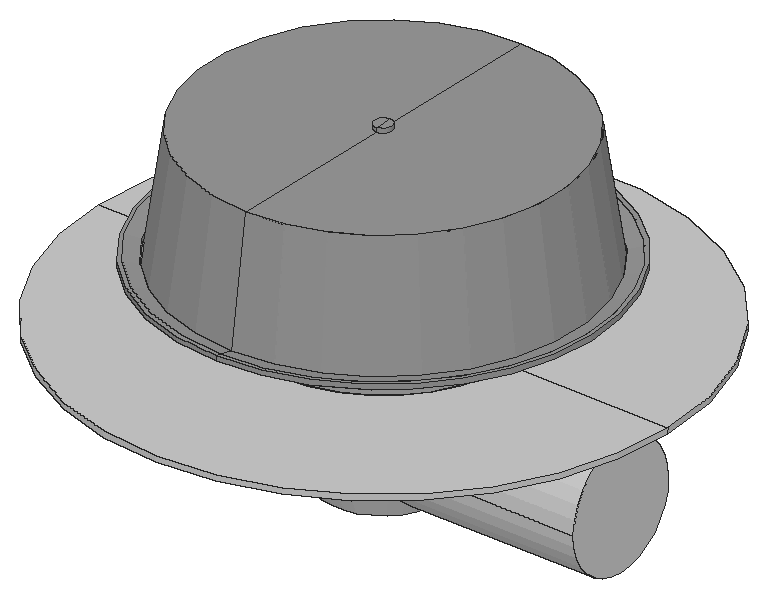
Revit family "HL_RU_Roof drain_HL64PPowerSafe-B-221103", category Sanitärinstallationen, Revit 2020
Family settings
  Bemaßung runder Anschluss = Durchmesser verwenden
  Teiletyp = Normal
  OmniClass-Nummer = 23.70.50.21.24.14
  OmniClass-Titel = Deck Waste Water Drains
  Arbeitsebenenbasiert = Nein
  Immer vertikal = Ja
  Beim Laden mit Abzugskörper schneiden = Nein
  Gemeinsam genutzt = Nein
  Raumberechnungspunkt = Ja
Parameters (values of type "HL_Кровельная воронка_HL64PPowerSafe")
  РЕШЁТКА = "Laubfangkorb d 262 mm"
  РАЗМЕР = "DN75"
  ПРОПУСКНАЯ СПОСОБНОСТЬ [instance] = 0.0 L/s
  ПРОИЗВОДИТЕЛЬНОСТЬ = "l/s"
  ПРАВОВАЯ ИНФОРМАЦИЯ = "Авторские права(©), права на дизайн или какие либо другие права интелектуальной собственности являются исключительной собственностью компании HL Hutterer & Lechner. Изменению не подлежит. Файл семейства с данными о прозводителе изделия защищен паролем с водяным знаком."
  НОМИНАЛЬНЫЙ ДИАМЕТР = 75 mm
  МАТЕРИАЛ = "PP/PVC"
  ВЫСОТА МОНТАЖА = "93 mm"
  ВЕС = "3,284 [kg]"
  Vorgabe-Ansicht = 0 mm
  Hersteller = "HL Hutterer & Lechner GmbH"  # constant formula
  URL = "http://www.hutterer-lechner.com/ru/products/catalog/roof-drains/HL64PPowerSafe.aspx"
  Материал плитка [instance] = none
  Lüftungsverbindung = no
  Abwasserrohrverbindung = yes
  HW-Verbindung = no
  KW-Verbindung = no
  Beschreibung = "Кровельные воронки"
  Model = "HL64PPowerSafe"
  Typenkommentare = "HL64PPowerSafe, Воронка для аварийного водостока с отсекателем воздуха, с горизонтальным выпуском DN75, с корпусом из ПВХ, с возможностью регулировки толщины слоя воды."
  Keynote = "HL64PPowerSafe"
  Bысота монтажа [instance] = 28 mm  # constant formula
  G [instance] = 90.00°  # constant formula
  EAN = "9003076040889"
  D [instance] = 150 mm
  C [instance] = if(Bысота монтажа - 68 mm < 0 mm, 0 mm, Bысота монтажа - 68 mm)  # 0 mm
  B [instance] = Bысота монтажа + 55 mm  # 83 mm
  A [instance] = if(B - 100 mm > 15 mm, B - 100 mm, 15 mm)  # 15 mm
Reference planes
  plane 1 "Center (Front/Back)": y = 0
  plane 2: z = 0
  plane 3 "Center (Left/Right)": x = 0
  plane 4: z = -83
  plane 5: z = -28
Lines and regions (mm)
  model lines, style "InvisibleLines"
    curve 1: line (0, 0, 0) -> (0, 0, 20)
  model lines, style "PlumbingFixtures", detail levels coarse+medium
    curve 2: line (0, 0, -83) -> (0, 0, -68)
    curve 3: line (0, 0, -68) -> (-68, 0, 0)
    curve 4: line (0, 0, -68) -> (68, 0, 0)
    curve 6: line (0, 0, -83) -> (150, 0, -83)
  reference lines, not visible
    curve 5: line (0, 0, -83) -> (150, 0, -83)
  symbolic lines, style "PlumbingFixtures", detail levels coarse+medium
    curve 7: line (-75, 75, 0) -> (75, 75, 0)
    curve 8: line (-75, -75, 0) -> (-75, 75, 0)
    curve 9: line (75, -75, 0) -> (-75, -75, 0)
    curve 10: line (75, 75, 0) -> (75, -75, 0)
    curve 11: line (-75, 75, 0) -> (-145.711, 145.711, 0)
    curve 12: line (75, 75, 0) -> (145.711, 145.711, 0)
    curve 13: line (-75, -75, 0) -> (-145.711, -145.711, 0)
    curve 14: line (75, -75, 0) -> (145.711, -145.711, 0)
  symbolic lines, style "PlumbingFixtures", not visible, detail levels coarse+medium
    curve 15: line (-75, 75, 0) -> (75, 75, 0)
    curve 16: line (-75, -75, 0) -> (-75, 75, 0)
    curve 17: line (75, -75, 0) -> (-75, -75, 0)
    curve 18: line (75, 75, 0) -> (75, -75, 0)
    curve 19: line (-75, 75, 0) -> (-145.711, 145.711, 0)
    curve 20: line (75, 75, 0) -> (145.711, 145.711, 0)
    curve 21: line (-75, -75, 0) -> (-145.711, -145.711, 0)
    curve 22: line (75, -75, 0) -> (145.711, -145.711, 0)
Text (mm)
  text "FLOOR" at (-162.344, 0, -10.979), in view "Drain Construction View"
Dimensions and locks
  "B": plane 2 to plane 4
  "Bысота монтажа": plane 2 to plane 5
  "A": curve 4 to plane 4
  "D": curve 5 to curve 5
  "D": curve 6 to curve 6
  locked: curve 4 to plane 3 "Center (Left/Right)" (angle 45.00°)
  locked: plane 3 "Center (Left/Right)" to curve 3 (angle 45.00°)
  "G": angle curve 5 to plane 3 "Center (Left/Right)"
  aligned and locked: level to plane 2
  aligned and locked: plane 2 to curve 4
  aligned and locked: plane 2 to curve 3
  aligned and locked: plane 4 to curve 5
  aligned and locked: plane 3 "Center (Left/Right)" to curve 5
  aligned and locked: plane 4 to curve 2
  aligned and locked: plane 4 to curve 6
  aligned and locked: nested 1 to plane 5
  aligned and locked: plane 2 to nested 2
  aligned and locked: plane 3 "Center (Left/Right)" to nested 2
  aligned and locked: plane 3 "Center (Left/Right)" to nested 1
Automatic sketch dimensions
  curve 2 to plane 3 "Center (Left/Right)" = 0 mm
  curve 1 to plane 3 "Center (Left/Right)" = 0 mm
  curve 1 to level = 0 mm
  level to curve 1 = 20 mm
  curve 6 to curve 5 = 0 mm
Nested families
  nested 1: "HL_кровельные воронки - корпус_HL64PPowerSafe" at (0, 0, -28), type "HL_кровельные воронки - корпус_HL64PPowerSafe"
  nested 2: "HL_Вспомогательные материалы-Противопожарная защита_HL062.1EPowerSafe" at (0, 0, 0), Bысота монтажа <- "Bысота монтажа", type "HL_Вспомогательные материалы-Противопожарная защита_HL062.1EPowerSafe"
    with L2 158 mm, L 49 mm, IHmin 28 mm, IHmax 68 mm, Bысота монтажа 28 mm
Connectors
  piping at (150, 0, -83), diameter 75, driven by "ПРОПУСКНАЯ СПОСОБНОСТЬ", driven by "НОМИНАЛЬНЫЙ ДИАМЕТР"
    settings: on curve 5, index 1, connector inside diameter 609.6 mm, connector length 0 mm, flow factor 0, pipe flow 0.0 L/s, pressure drop 0.0 Pa, fitting loss kfactor 0, connector angle 0.00°, fixture units 0, engagement length 0 mm, angle of deflection 0.00°, flow configuration 1, flow direction 2, fitting loss method 0, system type 16, joint type 0, gender type 0, connector reference index -1, connector utility 0, adjustable connector yes, is connector primary yes, connector description ""
Definition of nested family "HL_кровельные воронки - корпус_HL64PPowerSafe"
  Parameters (values of type "HL_кровельные воронки - корпус_HL64PPowerSafe")
    НОМИНАЛЬНЫЙ ДИАМЕТР = 50 mm
    Default Elevation = 0 mm
    Manufacturer = ""
    URL = ""
    Description = ""
    Model = ""
    Type Comments = ""
    Cost = 0
  Reference planes
    plane 1 "Střed (vpředu/vzadu)": y = 0
    plane 2: z = 0
    plane 3 "Střed (vlevo/vpravo)": x = 0
  Forms (mm)
    Revolve 1, solid, detail levels fine
      sketch origin (0, 0, 0) x (1, 0, 0) y (0, 0, 1)
        loop
          line (-180, -3.5) -> (-83.977, -3.5) -> (-83.977, -35) -> (-66.988, -35) -> (-36.415, -92.5) -> (0, -92.5) -> (0, -70.973) -> (-44.124, -70.973) -> (-65.112, -31.5) -> (-79.177, -31.5) -> (-79.177, 0) -> (-180, 0) -> (-180, -3.5)
        axis (0, 0) -> (0, -92.5)
      angle from 0 to 360
    Extrusion 2, solid, detail levels fine
      sketch origin (0, 0, 0) x (0, 1, 0) y (0, 0, 1)
        loop
          circle (0, -55) r 37.5
      from 0 to 150
    Revolve 3, void
      sketch origin (0, 0, 0) x (1, 0, 0) y (0, 0, 1)
        loop
          line (-79.203, 0) -> (-79.203, -31.5) -> (-65.112, -31.5) -> (-44.124, -70.973) -> (0, -70.973) -> (0, 0) -> (-79.203, 0)
        axis (0, 0) -> (0, -70.973)
      angle from 0 to 360
  Cuts and joins
    Revolve 3 cuts Extrusion 2
  Dimensions and locks
    aligned and locked: level to plane 2
Definition of nested family "HL_Вспомогательные материалы-Противопожарная защита_HL062.1EPowerSafe"
  Parameters (values of type "HL_Вспомогательные материалы-Противопожарная защита_HL062.1EPowerSafe")
    РЕШЁТКА = "Laubfangkorb d 262 mm"
    ПРАВОВАЯ ИНФОРМАЦИЯ = "Авторские права(©), права на дизайн или какие либо другие права интелектуальной собственности являются исключительной собственностью компании HL Hutterer & Lechner. Изменению не подлежит. Файл семейства с данными о прозводителе изделия защищен паролем с водяным знаком."
    МАТЕРИАЛ = "PP"
    ВЕС = "1,289 [kg]"
    Default Elevation = 0 mm
    Manufacturer = "HL Hutterer & Lechner GmbH"
    URL = "http://www.hutterer-lechner.com/ru/products/catalog/roof-drains/HL062.1EPowersafe.aspx"
    Материал плитка = none
    Description = "Кровельные воронки"
    Model = "HL062.1EPowerSafe"
    L2 [instance] = 158 mm
    L [instance] = if(Bысота монтажа < IHmin, -100 mm, if(Bысота монтажа > IHmax, -100 mm, Bысота монтажа + 21 mm))  # 49 mm
    Type Comments = "HL062.1EPowerSafe, Вставка в воронку для аварийного водоотведения"
    Keynote = "HL062.1EPowerSafe"
    Bысота монтажа [instance] = 28 mm
    IHmin [instance] = 28 mm
    IHmax [instance] = 68 mm
    EAN = "9003076040568"
    Cost = 0
  Reference planes
    plane 1 "Střed (vpředu/vzadu)": y = 0
    plane 2: z = 0
    plane 3 "Střed (vlevo/vpravo)": x = 0
  Forms (mm)
    Revolve 1, solid, detail levels fine
      sketch origin (0, 0, 0) x (0, 1, 0) y (0, 0, 1)
        loop
          line (0, -66.5) -> (62.442, -66.5) -> (64.508, -64.434) -> (64.508, -0.792) -> (68.942, 3.642) -> (119.719, 3.642) -> (108.539, 78.674) -> (5.325, 78.674) -> (5.325, 81.183) -> (0, 81.183) -> (0, -66.5)
        axis (0, 81.183) -> (0, -66.5)
      angle from 0 to 360
    Revolve 2, solid, detail levels fine
      sketch origin (0, 68.849, -57.5) x (0, -1, 0) y (0, 0, -1)
        loop
          line (4.265, -44.566) -> (4.265, 0) -> (0, 0) -> (0, -3.5) -> (-5.643, -3.5) -> (-10.659, -10.663) -> (-10.659, -29.5) -> (-0.659, -29.5) -> (-0.659, -44.566) -> (4.265, -44.566)
        axis (68.849, -44.566) -> (68.849, 0)
      angle from 0 to 360
    Revolve 3, solid, detail levels fine
      sketch origin (0, 0, 0) x (0, 1, 0) y (0, 0, 1)
        loop
          line (64.584, -4.434) -> (65.451, -4.434) -> (69.885, 0) -> (124.039, 0) -> (124.771, 2.936) -> (131.655, 4.399) -> (131.655, 7.41) -> (129.286, 7.41) -> (120.568, 5.557) -> (120.568, 3.642) -> (69.732, 3.642) -> (64.584, -0.993) -> (64.584, -4.434)
        axis (0, 7.41) -> (0, -4.434)
      angle from 0 to 360
  Lines and regions (mm)
    reference lines
      curve 1: line (0, 68.849, -49) -> (0, -216.151, -49)
  Dimensions and locks
    "L": curve 1 to plane 2
    aligned and locked: level to plane 2
  Automatic sketch dimensions
    Revolve 2 sketch curve to curve 1 = 8.5 mm
    Revolve 2 sketch curve to curve 1 = 0 mm
    curve 1 to Revolve 2 sketch curve = 5 mm
    Revolve 2 sketch curve to curve 1 = 0.659 mm
    Revolve 2 sketch curve to curve 1 = 5.643 mm
    Revolve 2 sketch curve to Revolve 2 sketch curve = 5.016 mm
    curve 1 to Revolve 2 sketch curve = 4.265 mm
    Revolve 2 sketch curve to Revolve 2 sketch curve = 7.163 mm
    Revolve 2 sketch curve to curve 1 = 21 mm
    Revolve 2 sketch curve to curve 1 = 36.066 mm
    curve 1 to Revolve 2 sketch curve = 68.849 mm
    Revolve 2 sketch curve to curve 1 = 340.5 mm
    curve 1 to Revolve 2 sketch curve = 259.5 mm
    Revolve 1 sketch curve to plane 1 "Střed (vpředu/vzadu)" = 0 mm  (x2)
    Revolve 1 sketch curve to plane 1 "Střed (vpředu/vzadu)" = 5.325 mm
    Revolve 1 sketch curve to plane 1 "Střed (vpředu/vzadu)" = 62.442 mm
    Revolve 1 sketch curve to level = 0.792 mm
    Revolve 1 sketch curve to plane 1 "Střed (vpředu/vzadu)" = 64.508 mm
    Revolve 1 sketch curve to Revolve 1 sketch curve = 4.434 mm
    Revolve 1 sketch curve to Revolve 1 sketch curve = 39.597 mm
    Revolve 1 sketch curve to Revolve 1 sketch curve = 63.642 mm
    Revolve 1 sketch curve to Revolve 1 sketch curve = 2.066 mm
    level to Revolve 1 sketch curve = 78.674 mm
    Revolve 1 sketch curve to Revolve 1 sketch curve = 2.51 mm
    Revolve 1 sketch curve to Revolve 1 sketch curve = 50.777 mm
    level to Revolve 1 sketch curve = 3.642 mm
    Revolve 1 sketch curve to Revolve 1 sketch curve = 10 mm
    Revolve 1 sketch curve to Revolve 1 sketch curve = 25 mm
    level to Revolve 3 sketch curve = 0 mm
    Revolve 3 sketch curve to level = 4.434 mm
    Revolve 3 sketch curve to plane 1 "Střed (vpředu/vzadu)" = 65.451 mm
    level to Revolve 3 sketch curve = 3.642 mm
    Revolve 3 sketch curve to Revolve 3 sketch curve = 4.28 mm
    Revolve 3 sketch curve to Revolve 3 sketch curve = 0.154 mm
    level to Revolve 3 sketch curve = 5.557 mm
    Revolve 3 sketch curve to Revolve 3 sketch curve = 50.836 mm
    Revolve 3 sketch curve to Revolve 3 sketch curve = 3.471 mm
    level to Revolve 3 sketch curve = 2.936 mm
    Revolve 3 sketch curve to Revolve 3 sketch curve = 0.732 mm
    level to Revolve 3 sketch curve = 7.41 mm
    Revolve 3 sketch curve to Revolve 3 sketch curve = 4.515 mm
    Revolve 3 sketch curve to Revolve 3 sketch curve = 2.369 mm
    Revolve 3 sketch curve to Revolve 3 sketch curve = 3.011 mm
    Revolve 3 sketch curve to Revolve 3 sketch curve = 0.867 mm
    Revolve 3 sketch curve to level = 0.993 mm
    plane 1 "Střed (vpředu/vzadu)" to curve 1 = 216.151 mm
    curve 1 to plane 1 "Střed (vpředu/vzadu)" = 68.849 mm
